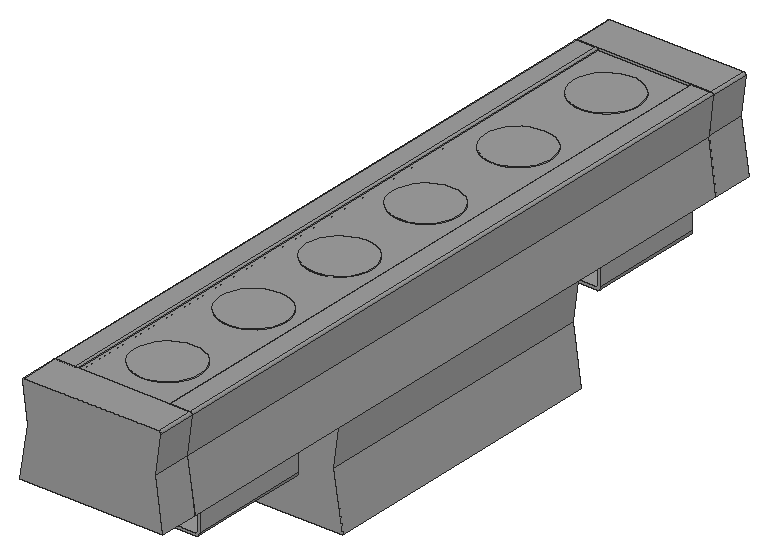
Revit family "SH-1395-20CM", category Lighting Fixtures, Revit 2017
Family settings
  Round Connector Dimension = Use Diameter
  Part Type = Normal
  OmniClass Number = 23.80.70.00
  OmniClass Title = Lighting
  Work Plane-Based = Yes
  Always vertical = No
  Cut with Voids When Loaded = No
  Light Source = No
  Shared = Yes
  Room Calculation Point = No
Parameters (values of type "Sh-1395-6W-20cm(anodized aluminum color-2000K-LED)")
  wattage = 6 W
  instalation = ""
  consumption current = 0.06 A
  color temperature = "2000K"
  color rendering index(CRI) = ""
  Width = 4.2377 cm
  Website = "www.shoaco.com"
  Voltage/Frequency = "230V/50HZ"
  URL = "https://www.shoaco.com/fa/product/%D9%BE%D8%B1%D9%88%DA%98%DA%A9%D8%AA%D9%88%D8%B1-%D9%87%D8%A7/531-%D9%88%D8%A7%D9%84-%D9%88%D8%A7%D8%B4%D8%B1-sh-1395-6LED.html"
  Type medule = "Power LED"
  Protection Class = "Class I"
  Model = "SH-1395-20cm"
  Manufacturer = "SHOA"
  Luminaire Vertical Angle [instance] = 0.00°
  Length = 22.4491 cm
  Lamp = "LED"
  IP = "IP65"
  Height = 7.345 cm
  Flicker = "Free Flicker"
  Default Elevation = 121.92 cm
  Body color = Anodize color
  Body Material = "Aluminum"
  6000K = no
  3000K = no
  2000K = yes
Types (4, lengths in cm): name | color temperature | 6000K | 3000K | 2000K
  (no name) | "2000K" | no | no | yes
  Sh-1395-6W-20cm(anodized aluminum color-2000K-LED) | "2000K" | no | no | yes
  Sh-1395-6W-20cm(anodized aluminum color-3000K-LED) | "3000K" | no | yes | no
  Sh-1395-6W-20cm(anodized aluminum color-6000K-LED) | "6000K" | yes | no | no
Reference planes (cm)
  plane 1 "Light Source Axis (F/B)": y = 0
  plane 2: z = 0
  plane 3 "Light Source Axis (L/R)": x = 0
  plane 4 "Light Source Elevation": z = 137.16
  plane 5: x = -1.2506
  plane 6: x = 2.9871
  plane 7: z = 7.345
Forms (cm)
  Extrusion 1, solid, not visible
    sketch origin (58.7935, 36.7249, 0) x (1, 0, 0) y (0, 1, 0)
      loop
        line (31.2065, 29.2751) -> (-148.7935, 29.2751) -> (-148.7935, -100.7249) -> (31.2065, -100.7249) -> (31.2065, 29.2751)
    from -8 to 0
Dimensions and locks (cm)
  "Width": plane 5 to plane 6
  "Height": plane 7 to Extrusion 1
  "Length": nested 2 to nested 2
  aligned and locked: level to plane 2
  aligned and locked: level to Extrusion 1
Automatic sketch dimensions
  plane 5 to Extrusion 1 sketch curve = 88.7494 cm
  Extrusion 1 sketch curve to plane 6 = 87.0129 cm
  plane 1 "Light Source Axis (F/B)" to Extrusion 1 sketch curve = 64.0 cm
  Extrusion 1 sketch curve to plane 1 "Light Source Axis (F/B)" = 66.0 cm
Nested families (cm)
  nested 1: "1395-20cm.ies" at (0.8637, -8.0428, 8.1187) x (0.0005, 0, -1) z (0, 1, 0), visible <- "2000K", type "1395-20cm-2000K"
  nested 2: "1395-20cm" at (0.8626, 17.0862, 3.5222) x (-1, 0, 0) z (0, 0, 1), Luminaire Vertical Angle <- "Luminaire Vertical Angle", Body color <- "Body color", type "1395-20cm"
    with Luminaire Vertical Angle 0.00°, Body color Anodize color
  nested 3: "1395-20cm.ies" at (0.875, -8.0428, 8.2431) x (0.0005, 0, -1) z (0, 1, 0), visible <- "3000K", type "1395-20cm-3000K"
  nested 4: "1395-20cm.ies" at (0.875, -8.0428, 8.1593) x (0.0005, 0, -1) z (0, 1, 0), visible <- "6000K", type "1395-20cm-6000K"
  nested 5: "1395-20cm.ies" at (0.8637, -8.0428, 8.1187) x (0.0005, 0, -1) z (0, 1, 0), visible <- "2000K", type "1395-20cm-2000K"
  nested 6: "1395-20cm.ies" at (0.875, -8.0428, 8.2431) x (0.0005, 0, -1) z (0, 1, 0), visible <- "3000K", type "1395-20cm-3000K"
  nested 7: "1395-20cm.ies" at (0.875, -8.0428, 8.1593) x (0.0005, 0, -1) z (0, 1, 0), visible <- "6000K", type "1395-20cm-6000K"
  nested 8: "1395-20cm.ies" at (0.8637, -8.0428, 8.1187) x (0.0005, 0, -1) z (0, 1, 0), visible <- "2000K", type "1395-20cm-2000K"
  nested 9: "1395-20cm.ies" at (0.875, -8.0428, 8.2431) x (0.0005, 0, -1) z (0, 1, 0), visible <- "3000K", type "1395-20cm-3000K"
  nested 10: "1395-20cm.ies" at (0.875, -8.0428, 8.1593) x (0.0005, 0, -1) z (0, 1, 0), visible <- "6000K", type "1395-20cm-6000K"
  nested 11: "1395-20cm.ies" at (0.8637, -8.0428, 8.1187) x (0.0005, 0, -1) z (0, 1, 0), visible <- "2000K", type "1395-20cm-2000K"
  nested 12: "1395-20cm.ies" at (0.875, -8.0428, 8.2431) x (0.0005, 0, -1) z (0, 1, 0), visible <- "3000K", type "1395-20cm-3000K"
  nested 13: "1395-20cm.ies" at (0.875, -8.0428, 8.1593) x (0.0005, 0, -1) z (0, 1, 0), visible <- "6000K", type "1395-20cm-6000K"
  nested 14: "1395-20cm.ies" at (0.8637, -8.0428, 8.1187) x (0.0005, 0, -1) z (0, 1, 0), visible <- "2000K", type "1395-20cm-2000K"
  nested 15: "1395-20cm.ies" at (0.875, -8.0428, 8.2431) x (0.0005, 0, -1) z (0, 1, 0), visible <- "3000K", type "1395-20cm-3000K"
  nested 16: "1395-20cm.ies" at (0.875, -8.0428, 8.1593) x (0.0005, 0, -1) z (0, 1, 0), visible <- "6000K", type "1395-20cm-6000K"
  nested 17: "1395-20cm.ies" at (0.8637, -8.0428, 8.1187) x (0.0005, 0, -1) z (0, 1, 0), visible <- "2000K", type "1395-20cm-2000K"
  nested 18: "1395-20cm.ies" at (0.875, -8.0428, 8.2431) x (0.0005, 0, -1) z (0, 1, 0), visible <- "3000K", type "1395-20cm-3000K"
  nested 19: "1395-20cm.ies" at (0.875, -8.0428, 8.1593) x (0.0005, 0, -1) z (0, 1, 0), visible <- "6000K", type "1395-20cm-6000K"
  nested 20: "1395-20cm.ies" at (0.8637, -4.6154, 8.1668) x (0.0005, 0, -1) z (0, 1, 0), visible <- "2000K", type "1395-20cm-2000K"
  nested 21: "1395-20cm.ies" at (0.875, -4.6154, 8.2911) x (0.0005, 0, -1) z (0, 1, 0), visible <- "3000K", type "1395-20cm-3000K"
  nested 22: "1395-20cm.ies" at (0.875, -4.6154, 8.2074) x (0.0005, 0, -1) z (0, 1, 0), visible <- "6000K", type "1395-20cm-6000K"
  nested 23: "1395-20cm.ies" at (0.8637, -4.6154, 8.1668) x (0.0005, 0, -1) z (0, 1, 0), visible <- "2000K", type "1395-20cm-2000K"
  nested 24: "1395-20cm.ies" at (0.875, -4.6154, 8.2911) x (0.0005, 0, -1) z (0, 1, 0), visible <- "3000K", type "1395-20cm-3000K"
  nested 25: "1395-20cm.ies" at (0.875, -4.6154, 8.2074) x (0.0005, 0, -1) z (0, 1, 0), visible <- "6000K", type "1395-20cm-6000K"
  nested 26: "1395-20cm.ies" at (0.8637, -4.6154, 8.1668) x (0.0005, 0, -1) z (0, 1, 0), visible <- "2000K", type "1395-20cm-2000K"
  nested 27: "1395-20cm.ies" at (0.875, -4.6154, 8.2911) x (0.0005, 0, -1) z (0, 1, 0), visible <- "3000K", type "1395-20cm-3000K"
  nested 28: "1395-20cm.ies" at (0.875, -4.6154, 8.2074) x (0.0005, 0, -1) z (0, 1, 0), visible <- "6000K", type "1395-20cm-6000K"
  nested 29: "1395-20cm.ies" at (0.8637, -4.6154, 8.1668) x (0.0005, 0, -1) z (0, 1, 0), visible <- "2000K", type "1395-20cm-2000K"
  nested 30: "1395-20cm.ies" at (0.875, -4.6154, 8.2911) x (0.0005, 0, -1) z (0, 1, 0), visible <- "3000K", type "1395-20cm-3000K"
  nested 31: "1395-20cm.ies" at (0.875, -4.6154, 8.2074) x (0.0005, 0, -1) z (0, 1, 0), visible <- "6000K", type "1395-20cm-6000K"
  nested 32: "1395-20cm.ies" at (0.8637, -4.6154, 8.1668) x (0.0005, 0, -1) z (0, 1, 0), visible <- "2000K", type "1395-20cm-2000K"
  nested 33: "1395-20cm.ies" at (0.875, -4.6154, 8.2911) x (0.0005, 0, -1) z (0, 1, 0), visible <- "3000K", type "1395-20cm-3000K"
  nested 34: "1395-20cm.ies" at (0.875, -4.6154, 8.2074) x (0.0005, 0, -1) z (0, 1, 0), visible <- "6000K", type "1395-20cm-6000K"
  nested 35: "1395-20cm.ies" at (0.8637, -4.6154, 8.1668) x (0.0005, 0, -1) z (0, 1, 0), visible <- "2000K", type "1395-20cm-2000K"
  nested 36: "1395-20cm.ies" at (0.875, -4.6154, 8.2911) x (0.0005, 0, -1) z (0, 1, 0), visible <- "3000K", type "1395-20cm-3000K"
  nested 37: "1395-20cm.ies" at (0.875, -4.6154, 8.2074) x (0.0005, 0, -1) z (0, 1, 0), visible <- "6000K", type "1395-20cm-6000K"
  nested 38: "1395-20cm.ies" at (0.8637, -1.4269, 8.1805) x (0.0005, 0, -1) z (0, 1, 0), visible <- "2000K", type "1395-20cm-2000K"
  nested 39: "1395-20cm.ies" at (0.875, -1.4269, 8.3048) x (0.0005, 0, -1) z (0, 1, 0), visible <- "3000K", type "1395-20cm-3000K"
  nested 40: "1395-20cm.ies" at (0.875, -1.4269, 8.2211) x (0.0005, 0, -1) z (0, 1, 0), visible <- "6000K", type "1395-20cm-6000K"
  nested 41: "1395-20cm.ies" at (0.8637, -1.4269, 8.1805) x (0.0005, 0, -1) z (0, 1, 0), visible <- "2000K", type "1395-20cm-2000K"
  nested 42: "1395-20cm.ies" at (0.875, -1.4269, 8.3048) x (0.0005, 0, -1) z (0, 1, 0), visible <- "3000K", type "1395-20cm-3000K"
  nested 43: "1395-20cm.ies" at (0.875, -1.4269, 8.2211) x (0.0005, 0, -1) z (0, 1, 0), visible <- "6000K", type "1395-20cm-6000K"
  nested 44: "1395-20cm.ies" at (0.8637, -1.4269, 8.1805) x (0.0005, 0, -1) z (0, 1, 0), visible <- "2000K", type "1395-20cm-2000K"
  nested 45: "1395-20cm.ies" at (0.875, -1.4269, 8.3048) x (0.0005, 0, -1) z (0, 1, 0), visible <- "3000K", type "1395-20cm-3000K"
  nested 46: "1395-20cm.ies" at (0.875, -1.4269, 8.2211) x (0.0005, 0, -1) z (0, 1, 0), visible <- "6000K", type "1395-20cm-6000K"
  nested 47: "1395-20cm.ies" at (0.8637, -1.4269, 8.1805) x (0.0005, 0, -1) z (0, 1, 0), visible <- "2000K", type "1395-20cm-2000K"
  nested 48: "1395-20cm.ies" at (0.875, -1.4269, 8.3048) x (0.0005, 0, -1) z (0, 1, 0), visible <- "3000K", type "1395-20cm-3000K"
  nested 49: "1395-20cm.ies" at (0.875, -1.4269, 8.2211) x (0.0005, 0, -1) z (0, 1, 0), visible <- "6000K", type "1395-20cm-6000K"
  nested 50: "1395-20cm.ies" at (0.8637, -1.4269, 8.1805) x (0.0005, 0, -1) z (0, 1, 0), visible <- "2000K", type "1395-20cm-2000K"
  nested 51: "1395-20cm.ies" at (0.875, -1.4269, 8.3048) x (0.0005, 0, -1) z (0, 1, 0), visible <- "3000K", type "1395-20cm-3000K"
  nested 52: "1395-20cm.ies" at (0.875, -1.4269, 8.2211) x (0.0005, 0, -1) z (0, 1, 0), visible <- "6000K", type "1395-20cm-6000K"
  nested 53: "1395-20cm.ies" at (0.8637, -1.4269, 8.1805) x (0.0005, 0, -1) z (0, 1, 0), visible <- "2000K", type "1395-20cm-2000K"
  nested 54: "1395-20cm.ies" at (0.875, -1.4269, 8.3048) x (0.0005, 0, -1) z (0, 1, 0), visible <- "3000K", type "1395-20cm-3000K"
  nested 55: "1395-20cm.ies" at (0.875, -1.4269, 8.2211) x (0.0005, 0, -1) z (0, 1, 0), visible <- "6000K", type "1395-20cm-6000K"
  nested 56: "1395-20cm.ies" at (0.8637, 1.825, 8.1805) x (0.0005, 0, -1) z (0, 1, 0), visible <- "2000K", type "1395-20cm-2000K"
  nested 57: "1395-20cm.ies" at (0.875, 1.825, 8.3048) x (0.0005, 0, -1) z (0, 1, 0), visible <- "3000K", type "1395-20cm-3000K"
  nested 58: "1395-20cm.ies" at (0.875, 1.825, 8.2211) x (0.0005, 0, -1) z (0, 1, 0), visible <- "6000K", type "1395-20cm-6000K"
  nested 59: "1395-20cm.ies" at (0.8637, 1.825, 8.1805) x (0.0005, 0, -1) z (0, 1, 0), visible <- "2000K", type "1395-20cm-2000K"
  nested 60: "1395-20cm.ies" at (0.875, 1.825, 8.3048) x (0.0005, 0, -1) z (0, 1, 0), visible <- "3000K", type "1395-20cm-3000K"
  nested 61: "1395-20cm.ies" at (0.875, 1.825, 8.2211) x (0.0005, 0, -1) z (0, 1, 0), visible <- "6000K", type "1395-20cm-6000K"
  nested 62: "1395-20cm.ies" at (0.8637, 1.825, 8.1805) x (0.0005, 0, -1) z (0, 1, 0), visible <- "2000K", type "1395-20cm-2000K"
  nested 63: "1395-20cm.ies" at (0.875, 1.825, 8.3048) x (0.0005, 0, -1) z (0, 1, 0), visible <- "3000K", type "1395-20cm-3000K"
  nested 64: "1395-20cm.ies" at (0.875, 1.825, 8.2211) x (0.0005, 0, -1) z (0, 1, 0), visible <- "6000K", type "1395-20cm-6000K"
  nested 65: "1395-20cm.ies" at (0.8637, 1.825, 8.1805) x (0.0005, 0, -1) z (0, 1, 0), visible <- "2000K", type "1395-20cm-2000K"
  nested 66: "1395-20cm.ies" at (0.875, 1.825, 8.3048) x (0.0005, 0, -1) z (0, 1, 0), visible <- "3000K", type "1395-20cm-3000K"
  nested 67: "1395-20cm.ies" at (0.875, 1.825, 8.2211) x (0.0005, 0, -1) z (0, 1, 0), visible <- "6000K", type "1395-20cm-6000K"
  nested 68: "1395-20cm.ies" at (0.8637, 1.825, 8.1805) x (0.0005, 0, -1) z (0, 1, 0), visible <- "2000K", type "1395-20cm-2000K"
  nested 69: "1395-20cm.ies" at (0.875, 1.825, 8.3048) x (0.0005, 0, -1) z (0, 1, 0), visible <- "3000K", type "1395-20cm-3000K"
  nested 70: "1395-20cm.ies" at (0.875, 1.825, 8.2211) x (0.0005, 0, -1) z (0, 1, 0), visible <- "6000K", type "1395-20cm-6000K"
  nested 71: "1395-20cm.ies" at (0.8637, 1.825, 8.1805) x (0.0005, 0, -1) z (0, 1, 0), visible <- "2000K", type "1395-20cm-2000K"
  nested 72: "1395-20cm.ies" at (0.875, 1.825, 8.3048) x (0.0005, 0, -1) z (0, 1, 0), visible <- "3000K", type "1395-20cm-3000K"
  nested 73: "1395-20cm.ies" at (0.875, 1.825, 8.2211) x (0.0005, 0, -1) z (0, 1, 0), visible <- "6000K", type "1395-20cm-6000K"
  nested 74: "1395-20cm.ies" at (0.8637, 5.45, 8.1805) x (0.0005, 0, -1) z (0, 1, 0), visible <- "2000K", type "1395-20cm-2000K"
  nested 75: "1395-20cm.ies" at (0.875, 5.45, 8.3048) x (0.0005, 0, -1) z (0, 1, 0), visible <- "3000K", type "1395-20cm-3000K"
  nested 76: "1395-20cm.ies" at (0.875, 5.45, 8.2211) x (0.0005, 0, -1) z (0, 1, 0), visible <- "6000K", type "1395-20cm-6000K"
  nested 77: "1395-20cm.ies" at (0.8637, 5.45, 8.1805) x (0.0005, 0, -1) z (0, 1, 0), visible <- "2000K", type "1395-20cm-2000K"
  nested 78: "1395-20cm.ies" at (0.875, 5.45, 8.3048) x (0.0005, 0, -1) z (0, 1, 0), visible <- "3000K", type "1395-20cm-3000K"
  nested 79: "1395-20cm.ies" at (0.875, 5.45, 8.2211) x (0.0005, 0, -1) z (0, 1, 0), visible <- "6000K", type "1395-20cm-6000K"
  nested 80: "1395-20cm.ies" at (0.8637, 5.45, 8.1805) x (0.0005, 0, -1) z (0, 1, 0), visible <- "2000K", type "1395-20cm-2000K"
  nested 81: "1395-20cm.ies" at (0.875, 5.45, 8.3048) x (0.0005, 0, -1) z (0, 1, 0), visible <- "3000K", type "1395-20cm-3000K"
  nested 82: "1395-20cm.ies" at (0.875, 5.45, 8.2211) x (0.0005, 0, -1) z (0, 1, 0), visible <- "6000K", type "1395-20cm-6000K"
  nested 83: "1395-20cm.ies" at (0.8637, 5.45, 8.1805) x (0.0005, 0, -1) z (0, 1, 0), visible <- "2000K", type "1395-20cm-2000K"
  nested 84: "1395-20cm.ies" at (0.875, 5.45, 8.3048) x (0.0005, 0, -1) z (0, 1, 0), visible <- "3000K", type "1395-20cm-3000K"
  nested 85: "1395-20cm.ies" at (0.875, 5.45, 8.2211) x (0.0005, 0, -1) z (0, 1, 0), visible <- "6000K", type "1395-20cm-6000K"
  nested 86: "1395-20cm.ies" at (0.8637, 5.45, 8.1805) x (0.0005, 0, -1) z (0, 1, 0), visible <- "2000K", type "1395-20cm-2000K"
  nested 87: "1395-20cm.ies" at (0.875, 5.45, 8.3048) x (0.0005, 0, -1) z (0, 1, 0), visible <- "3000K", type "1395-20cm-3000K"
  nested 88: "1395-20cm.ies" at (0.875, 5.45, 8.2211) x (0.0005, 0, -1) z (0, 1, 0), visible <- "6000K", type "1395-20cm-6000K"
  nested 89: "1395-20cm.ies" at (0.8637, 5.45, 8.1805) x (0.0005, 0, -1) z (0, 1, 0), visible <- "2000K", type "1395-20cm-2000K"
  nested 90: "1395-20cm.ies" at (0.875, 5.45, 8.3048) x (0.0005, 0, -1) z (0, 1, 0), visible <- "3000K", type "1395-20cm-3000K"
  nested 91: "1395-20cm.ies" at (0.875, 5.45, 8.2211) x (0.0005, 0, -1) z (0, 1, 0), visible <- "6000K", type "1395-20cm-6000K"
  nested 92: "1395-20cm.ies" at (0.8637, 8.825, 8.1805) x (0.0005, 0, -1) z (0, 1, 0), visible <- "2000K", type "1395-20cm-2000K"
  nested 93: "1395-20cm.ies" at (0.875, 8.825, 8.3048) x (0.0005, 0, -1) z (0, 1, 0), visible <- "3000K", type "1395-20cm-3000K"
  nested 94: "1395-20cm.ies" at (0.875, 8.825, 8.2211) x (0.0005, 0, -1) z (0, 1, 0), visible <- "6000K", type "1395-20cm-6000K"
  nested 95: "1395-20cm.ies" at (0.8637, 8.825, 8.1805) x (0.0005, 0, -1) z (0, 1, 0), visible <- "2000K", type "1395-20cm-2000K"
  nested 96: "1395-20cm.ies" at (0.875, 8.825, 8.3048) x (0.0005, 0, -1) z (0, 1, 0), visible <- "3000K", type "1395-20cm-3000K"
  nested 97: "1395-20cm.ies" at (0.875, 8.825, 8.2211) x (0.0005, 0, -1) z (0, 1, 0), visible <- "6000K", type "1395-20cm-6000K"
  nested 98: "1395-20cm.ies" at (0.8637, 8.825, 8.1805) x (0.0005, 0, -1) z (0, 1, 0), visible <- "2000K", type "1395-20cm-2000K"
  nested 99: "1395-20cm.ies" at (0.875, 8.825, 8.3048) x (0.0005, 0, -1) z (0, 1, 0), visible <- "3000K", type "1395-20cm-3000K"
  nested 100: "1395-20cm.ies" at (0.875, 8.825, 8.2211) x (0.0005, 0, -1) z (0, 1, 0), visible <- "6000K", type "1395-20cm-6000K"
  nested 101: "1395-20cm.ies" at (0.8637, 8.825, 8.1805) x (0.0005, 0, -1) z (0, 1, 0), visible <- "2000K", type "1395-20cm-2000K"
  nested 102: "1395-20cm.ies" at (0.875, 8.825, 8.3048) x (0.0005, 0, -1) z (0, 1, 0), visible <- "3000K", type "1395-20cm-3000K"
  nested 103: "1395-20cm.ies" at (0.875, 8.825, 8.2211) x (0.0005, 0, -1) z (0, 1, 0), visible <- "6000K", type "1395-20cm-6000K"
  nested 104: "1395-20cm.ies" at (0.8637, 8.825, 8.1805) x (0.0005, 0, -1) z (0, 1, 0), visible <- "2000K", type "1395-20cm-2000K"
  nested 105: "1395-20cm.ies" at (0.875, 8.825, 8.3048) x (0.0005, 0, -1) z (0, 1, 0), visible <- "3000K", type "1395-20cm-3000K"
  nested 106: "1395-20cm.ies" at (0.875, 8.825, 8.2211) x (0.0005, 0, -1) z (0, 1, 0), visible <- "6000K", type "1395-20cm-6000K"
  nested 107: "1395-20cm.ies" at (0.8637, 8.825, 8.1805) x (0.0005, 0, -1) z (0, 1, 0), visible <- "2000K", type "1395-20cm-2000K"
  nested 108: "1395-20cm.ies" at (0.875, 8.825, 8.3048) x (0.0005, 0, -1) z (0, 1, 0), visible <- "3000K", type "1395-20cm-3000K"
  nested 109: "1395-20cm.ies" at (0.875, 8.825, 8.2211) x (0.0005, 0, -1) z (0, 1, 0), visible <- "6000K", type "1395-20cm-6000K"
Connectors (cm)
  electrical at (0.8449, 0.5, 1.4559)
    settings: on nested 2, index 1, voltage 230 V, apparent load 0 VA, apparent load phase1 0 VA, apparent load phase2 0 VA, apparent load phase3 0 VA, power factor 1, load classification "Other", number of poles 1, system type 31, power factor state 1, is connector primary yes, connector utility no, sub classification motor no, connector description ""
Definition of nested family "1395-20cm"
  Parameters (values of type "Family2")
    Luminaire Vertical Angle [instance] = 0.00°
    Default Elevation = 121.92 cm
    Body color [instance] = none
  Reference planes (cm)
    plane 1 "Center (Front/Back)": y = 0
    plane 2: z = 0
    plane 3 "Center (Left/Right)": x = 0
  Forms (cm)
    Extrusion 1, solid, not visible
      sketch origin (0, 0, 0) x (1, 0, 0) y (0, 1, 0)
        loop
          line (50, 70.5415) -> (-50, 70.5415) -> (-50, -41.4585) -> (50, -41.4585) -> (50, 70.5415)
      from 0 to -7.867
    Extrusion 2, solid, material <- "Body color"
      sketch origin (0.0283, 0, 27.9287) x (-0.000455, 0, -1) y (1, 0, -0.000455)
        loop
          line (26.9927, 1.965) -> (26.9927, 2.201) -> (25.4269, 1.9786) -> (24.26, 2.1282)
          arc (24.26, 2.1282) -> (24.2021, 2.1105) -> (24.1771, 2.0553) r 0.0735
          line (24.1771, 2.0553) -> (24.1771, 1.4818)
          arc (24.1771, 1.4818) -> (24.1926, 1.4443) -> (24.2301, 1.4288) r 0.053
          line (24.2301, 1.4288) -> (24.3275, 1.4288)
          arc (24.3275, 1.4288) -> (24.3701, 1.4464) -> (24.3878, 1.489) r 0.0603
          line (24.3878, 1.489) -> (24.3878, 1.5758) -> (24.2888, 1.6376) -> (24.303, 1.7275) -> (24.7028, 1.7275) -> (25.025, 1.7275)
          arc (25.025, 1.7275) -> (25.0623, 1.7121) -> (25.0778, 1.6748) r 0.0528
          line (25.0778, 1.6748) -> (25.0778, 1.5075) -> (24.9378, 1.5075) -> (24.9378, 1.3775) -> (26.2978, 1.3775) -> (26.2978, 1.5075) -> (26.4976, 1.5075)
          arc (26.4976, 1.5075) -> (26.5331, 1.4929) -> (26.5478, 1.4574) r 0.0501
          line (26.5478, 1.4574) -> (26.5478, 0.0075) -> (26.5478, -1.4423)
          arc (26.5478, -1.4423) -> (26.5331, -1.4778) -> (26.4976, -1.4925) r 0.0501
          line (26.4976, -1.4925) -> (26.2978, -1.4925) -> (26.2978, -1.3625) -> (24.9378, -1.3625) -> (24.9378, -1.4925) -> (25.0778, -1.4925) -> (25.0778, -1.6597)
          arc (25.0778, -1.6597) -> (25.0623, -1.697) -> (25.025, -1.7125) r 0.0528
          line (25.025, -1.7125) -> (24.7028, -1.7125) -> (24.303, -1.7125) -> (24.2888, -1.6225) -> (24.3878, -1.5607) -> (24.3878, -1.474)
          arc (24.3878, -1.474) -> (24.3701, -1.4313) -> (24.3275, -1.4137) r 0.0603
          line (24.3275, -1.4137) -> (24.2301, -1.4137)
          arc (24.2301, -1.4137) -> (24.1926, -1.4292) -> (24.1771, -1.4667) r 0.053
          line (24.1771, -1.4667) -> (24.1771, -2.0402)
          arc (24.1771, -2.0402) -> (24.2021, -2.0954) -> (24.26, -2.1132) r 0.0735
          line (24.26, -2.1132) -> (25.4269, -1.9635) -> (26.9927, -2.1859) -> (26.9927, -1.9499) -> (26.6878, -1.9066) -> (26.6878, -1.8073)
          arc (26.6878, -1.8073) -> (26.6463, -1.7538) -> (26.5841, -1.7806) r 0.0553
          arc (26.5841, -1.7806) -> (26.4628, -1.8346) -> (26.3779, -1.7326) r 0.11
          arc (26.3779, -1.7326) -> (26.4468, -1.6253) -> (26.5708, -1.6553) r 0.11
          arc (26.5708, -1.6553) -> (26.6444, -1.6741) -> (26.6878, -1.6116) r 0.0666
          line (26.6878, -1.6116) -> (26.6878, -1.4707)
          arc (26.6878, -1.4707) -> (26.7048, -1.4295) -> (26.746, -1.4125) r 0.0583
          line (26.746, -1.4125) -> (26.8353, -1.4125)
          arc (26.8353, -1.4125) -> (26.8729, -1.428) -> (26.8885, -1.4657) r 0.0532
          line (26.8885, -1.4657) -> (26.8885, -1.5901)
          arc (26.8885, -1.5901) -> (26.9396, -1.6411) -> (26.9907, -1.5901) r 0.0511
          line (26.9907, -1.5901) -> (26.9907, -1.234)
          arc (26.9907, -1.234) -> (26.9756, -1.1976) -> (26.9391, -1.1825) r 0.0516
          line (26.9391, -1.1825) -> (26.7278, -1.1825)
          arc (26.7278, -1.1825) -> (26.6678, -1.1225) -> (26.7278, -1.0625) r 0.06
          line (26.7278, -1.0625) -> (26.9465, -1.0625)
          arc (26.9465, -1.0625) -> (26.9915, -1.0175) -> (26.9465, -0.9725) r 0.045
          line (26.9465, -0.9725) -> (26.7278, -0.9725)
          arc (26.7278, -0.9725) -> (26.6678, -0.9125) -> (26.7278, -0.8525) r 0.06
          line (26.7278, -0.8525) -> (26.9543, -0.8525)
          arc (26.9543, -0.8525) -> (26.9993, -0.8075) -> (26.9543, -0.7625) r 0.045
          line (26.9543, -0.7625) -> (26.7278, -0.7625)
          arc (26.7278, -0.7625) -> (26.6678, -0.7025) -> (26.7278, -0.6425) r 0.06
          line (26.7278, -0.6425) -> (26.9465, -0.6425)
          arc (26.9465, -0.6425) -> (26.9915, -0.5975) -> (26.9465, -0.5525) r 0.045
          line (26.9465, -0.5525) -> (26.7278, -0.5525)
          arc (26.7278, -0.5525) -> (26.6678, -0.4925) -> (26.7278, -0.4325) r 0.06
          line (26.7278, -0.4325) -> (26.9379, -0.4325)
          arc (26.9379, -0.4325) -> (26.9747, -0.4172) -> (26.9899, -0.3804) r 0.052
          line (26.9899, -0.3804) -> (26.9899, 0.0075) -> (26.9899, 0.3955)
          arc (26.9899, 0.3955) -> (26.9747, 0.4323) -> (26.9379, 0.4475) r 0.052
          line (26.9379, 0.4475) -> (26.7278, 0.4475)
          arc (26.7278, 0.4475) -> (26.6678, 0.5075) -> (26.7278, 0.5675) r 0.06
          line (26.7278, 0.5675) -> (26.9543, 0.5675)
          arc (26.9543, 0.5675) -> (26.9993, 0.6125) -> (26.9543, 0.6575) r 0.045
          line (26.9543, 0.6575) -> (26.7278, 0.6575)
          arc (26.7278, 0.6575) -> (26.6678, 0.7175) -> (26.7278, 0.7775) r 0.06
          line (26.7278, 0.7775) -> (26.9465, 0.7775)
          arc (26.9465, 0.7775) -> (26.9915, 0.8225) -> (26.9465, 0.8675) r 0.045
          line (26.9465, 0.8675) -> (26.7278, 0.8675)
          arc (26.7278, 0.8675) -> (26.6678, 0.9275) -> (26.7278, 0.9875) r 0.06
          line (26.7278, 0.9875) -> (26.9543, 0.9875)
          arc (26.9543, 0.9875) -> (26.9993, 1.0325) -> (26.9543, 1.0775) r 0.045
          line (26.9543, 1.0775) -> (26.7278, 1.0775)
          arc (26.7278, 1.0775) -> (26.6678, 1.1375) -> (26.7278, 1.1975) r 0.06
          line (26.7278, 1.1975) -> (26.9391, 1.1975)
          arc (26.9391, 1.1975) -> (26.9756, 1.2126) -> (26.9907, 1.2491) r 0.0516
          line (26.9907, 1.2491) -> (26.9907, 1.6051)
          arc (26.9907, 1.6051) -> (26.9396, 1.6562) -> (26.8885, 1.6051) r 0.0511
          line (26.8885, 1.6051) -> (26.8885, 1.4808)
          arc (26.8885, 1.4808) -> (26.8729, 1.4431) -> (26.8353, 1.4275) r 0.0532
          line (26.8353, 1.4275) -> (26.746, 1.4275)
          arc (26.746, 1.4275) -> (26.7048, 1.4446) -> (26.6878, 1.4858) r 0.0583
          line (26.6878, 1.4858) -> (26.6878, 1.6267)
          arc (26.6878, 1.6267) -> (26.6444, 1.6892) -> (26.5708, 1.6704) r 0.0666
          arc (26.5708, 1.6704) -> (26.4468, 1.6404) -> (26.3779, 1.7477) r 0.11
          arc (26.3779, 1.7477) -> (26.4628, 1.8497) -> (26.5841, 1.7957) r 0.11
          arc (26.5841, 1.7957) -> (26.6463, 1.7688) -> (26.6878, 1.8224) r 0.0553
          line (26.6878, 1.8224) -> (26.6878, 1.9217) -> (26.9983, 1.9658)
      from -26.8082 to -6.8063
    Extrusion 3, solid, material <- "Body color"
      sketch origin (0.0283, 0, 27.9287) x (-0.000455, 0, -1) y (1, 0, -0.000455)
        loop
          line (24.9378, -1.4925) -> (24.9378, 1.5075) -> (24.8466, 1.5075) -> (24.8466, -1.4925) -> (24.9378, -1.4925)
      from -6.8063 to -26.8082
    Extrusion 4, solid, material <- "Body color"
      sketch origin (0.0283, 0, 27.9287) x (-0.000455, 0, -1) y (1, 0, -0.000455)
        loop
          line (24.2301, 1.4288) -> (24.2301, -1.4137) -> (24.3275, -1.4137) -> (24.3275, 1.4288) -> (24.2301, 1.4288)
      from -6.8063 to -26.8082
    Extrusion 5, solid, material <- "Body color"
      sketch origin (0.0283, 0, 27.9287) x (-0.000455, 0, -1) y (1, 0, -0.000455)
        loop
          line (26.8366, -1.5373) -> (26.7566, -1.5373) -> (26.7566, -1.7172)
          arc (26.7566, -1.7172) -> (26.7952, -1.8104) -> (26.8884, -1.849) r 0.1318
          line (26.8884, -1.849) -> (27.8524, -1.849)
          arc (27.8524, -1.849) -> (27.9454, -1.8105) -> (27.9839, -1.7175) r 0.1315
          line (27.9839, -1.7175) -> (27.9839, -0.2396)
          arc (27.9839, -0.2396) -> (28.1337, -0.1536) -> (28.2155, -0.0016) r 0.3148
          arc (28.2155, -0.0016) -> (28.1337, 0.1504) -> (27.9839, 0.2364) r 0.3148
          line (27.9839, 0.2364) -> (27.9839, 1.6752)
          arc (27.9839, 1.6752) -> (27.9454, 1.7682) -> (27.8524, 1.8067) r 0.1315
          line (27.8524, 1.8067) -> (26.8884, 1.8067)
          arc (26.8884, 1.8067) -> (26.7952, 1.7681) -> (26.7566, 1.6749) r 0.1318
          line (26.7566, 1.6749) -> (26.7566, 1.5373) -> (26.8366, 1.5373) -> (26.8366, 1.6749)
          arc (26.8366, 1.6749) -> (26.8518, 1.7115) -> (26.8884, 1.7267) r 0.0518
          line (26.8884, 1.7267) -> (27.8524, 1.7267)
          arc (27.8524, 1.7267) -> (27.8889, 1.7116) -> (27.9039, 1.6752) r 0.0515
          line (27.9039, 1.6752) -> (27.9039, 0.2207)
          arc (27.9039, 0.2207) -> (27.9177, 0.1823) -> (27.9528, 0.1614) r 0.0604
          arc (27.9528, 0.1614) -> (28.0656, 0.105) -> (28.1329, -0.0016) r 0.2348
          arc (28.1329, -0.0016) -> (28.0656, -0.1082) -> (27.9528, -0.1646) r 0.2348
          arc (27.9528, -0.1646) -> (27.9177, -0.1855) -> (27.9039, -0.2239) r 0.0604
          line (27.9039, -0.2239) -> (27.9039, -1.7175)
          arc (27.9039, -1.7175) -> (27.8889, -1.754) -> (27.8524, -1.769) r 0.0515
          line (27.8524, -1.769) -> (26.8884, -1.769)
          arc (26.8884, -1.769) -> (26.8518, -1.7539) -> (26.8366, -1.7172) r 0.0518
          line (26.8366, -1.7172) -> (26.8366, -1.5373)
      from -10.7884 to -7.2801
    Extrusion 6, solid, material <- "Body color"
      sketch origin (0.0283, 0, 27.9287) x (-0.000455, 0, -1) y (1, 0, -0.000455)
        loop
          arc (24.26, 2.1245) -> (24.2021, 2.1068) -> (24.1771, 2.0516) r 0.0735
          line (24.1771, 2.0516) -> (24.1771, -2.04)
          arc (24.1771, -2.04) -> (24.2021, -2.0952) -> (24.26, -2.1129) r 0.0735
          line (24.26, -2.1129) -> (25.4126, -1.9651) -> (26.9996, -2.1906) -> (26.9996, 2.1965) -> (25.4336, 1.974) -> (24.26, 2.1245)
      from -6.8063 to -5.5568
    Extrusion 7, solid, material <- "Body color"
      sketch origin (0.0283, 0, 27.9287) x (-0.000455, 0, -1) y (1, 0, -0.000455)
        loop
          line (24.1771, 2.0553) -> (24.1771, -2.0402)
          arc (24.1771, -2.0402) -> (24.2021, -2.0954) -> (24.26, -2.1132) r 0.0735
          line (24.26, -2.1132) -> (25.4269, -1.9635) -> (26.9996, -2.1869) -> (26.9996, 2.202) -> (25.4269, 1.9786) -> (24.26, 2.1282)
          arc (24.26, 2.1282) -> (24.2021, 2.1105) -> (24.1771, 2.0553) r 0.0735
      from -28.0059 to -26.8082
    Extrusion 8, solid
      sketch origin (1.4461, 0, 3.6979) x (-1, 0, 0.000455) y (0, -1, 0)
        loop
          circle (1.4738, -8.3339) r 1
      from -0.3052 to 0.0069
    Extrusion 9, solid
      sketch origin (1.4461, 0, 3.6979) x (-1, 0, 0.000455) y (0, -1, 0)
        loop
          circle (1.4738, -25.1607) r 1
      from -0.3052 to 0.0069
    Extrusion 10, solid, material <- "Body color"
      sketch origin (0.0283, 0, 27.9287) x (-0.000455, 0, -1) y (1, 0, -0.000455)
        loop
          line (26.9899, 2.0516) -> (26.9899, -2.04)
          arc (26.9899, -2.04) -> (27.0149, -2.0952) -> (27.0728, -2.1129) r 0.0735
          line (27.0728, -2.1129) -> (28.2254, -1.9651) -> (29.9949, -2.2165) -> (29.9949, 2.2224) -> (28.2464, 1.974) -> (27.0728, 2.1245)
          arc (27.0728, 2.1245) -> (27.0149, 2.1068) -> (26.9899, 2.0516) r 0.0735
      from -21.1666 to -12.0059
    Extrusion 11, solid, material <- "Body color"
      sketch origin (0.0283, 0, 27.9287) x (-0.000455, 0, -1) y (1, 0, -0.000455)
        loop
          line (26.8366, -1.5373) -> (26.7566, -1.5373) -> (26.7566, -1.7172)
          arc (26.7566, -1.7172) -> (26.7952, -1.8104) -> (26.8884, -1.849) r 0.1318
          line (26.8884, -1.849) -> (27.8547, -1.849)
          arc (27.8547, -1.849) -> (27.9477, -1.8105) -> (27.9862, -1.7175) r 0.1315
          line (27.9862, -1.7175) -> (27.9862, -0.238)
          arc (27.9862, -0.238) -> (28.136, -0.152) -> (28.2178, 0) r 0.3148
          arc (28.2178, 0) -> (28.136, 0.152) -> (27.9862, 0.238) r 0.3148
          line (27.9862, 0.238) -> (27.9862, 1.6752)
          arc (27.9862, 1.6752) -> (27.9477, 1.7682) -> (27.8547, 1.8067) r 0.1315
          line (27.8547, 1.8067) -> (26.8884, 1.8067)
          arc (26.8884, 1.8067) -> (26.7952, 1.7681) -> (26.7566, 1.6749) r 0.1318
          line (26.7566, 1.6749) -> (26.7566, 1.5373) -> (26.8366, 1.5373) -> (26.8366, 1.6749)
          arc (26.8366, 1.6749) -> (26.8518, 1.7115) -> (26.8884, 1.7267) r 0.0518
          line (26.8884, 1.7267) -> (27.8547, 1.7267)
          arc (27.8547, 1.7267) -> (27.8912, 1.7116) -> (27.9062, 1.6752) r 0.0515
          line (27.9062, 1.6752) -> (27.9062, 0.2223)
          arc (27.9062, 0.2223) -> (27.92, 0.1839) -> (27.9551, 0.163) r 0.0604
          arc (27.9551, 0.163) -> (28.0679, 0.1066) -> (28.1352, 0) r 0.2348
          arc (28.1352, 0) -> (28.0679, -0.1066) -> (27.9551, -0.163) r 0.2348
          arc (27.9551, -0.163) -> (27.92, -0.1839) -> (27.9062, -0.2223) r 0.0604
          line (27.9062, -0.2223) -> (27.9062, -1.7175)
          arc (27.9062, -1.7175) -> (27.8912, -1.754) -> (27.8547, -1.769) r 0.0515
          line (27.8547, -1.769) -> (26.8884, -1.769)
          arc (26.8884, -1.769) -> (26.8518, -1.7539) -> (26.8366, -1.7172) r 0.0518
          line (26.8366, -1.7172) -> (26.8366, -1.5373)
      from -26.1557 to -22.4238
    Extrusion 12, solid
      sketch origin (1.4461, 0, 3.6979) x (-1, 0, 0.000455) y (0, -1, 0)
        loop
          circle (1.4738, -21.8587) r 1
      from -0.3052 to 0.0069
    Extrusion 13, solid
      sketch origin (1.4461, 0, 3.6979) x (-1, 0, 0.000455) y (0, -1, 0)
        loop
          circle (1.4738, -18.5586) r 1
      from -0.3052 to 0.0069
    Extrusion 14, solid
      sketch origin (1.4461, 0, 3.6979) x (-1, 0, 0.000455) y (0, -1, 0)
        loop
          circle (1.4738, -15.2584) r 1
      from -0.3052 to 0.0069
    Extrusion 15, solid
      sketch origin (1.4461, 0, 3.6979) x (-1, 0, 0.000455) y (0, -1, 0)
        loop
          circle (1.4738, -11.7083) r 1
      from -0.3052 to 0.0069
  Lines and regions (cm)
    reference lines
      curve 1: line (28, 0, 0) -> (0, 0, 0)
  Dimensions and locks (cm)
    "Luminaire Vertical Angle": angle level to curve 1
    aligned and locked: plane 2 to level
    aligned and locked: level to Extrusion 1
    aligned and locked: plane 2 to Extrusion 1
    aligned and locked: curve 1 to Extrusion 1
  Automatic sketch dimensions
    Extrusion 1 sketch curve to plane 3 "Center (Left/Right)" = 50.0 cm
    plane 3 "Center (Left/Right)" to Extrusion 1 sketch curve = 50.0 cm
    plane 1 "Center (Front/Back)" to Extrusion 1 sketch curve = 41.4585 cm
    Extrusion 1 sketch curve to plane 1 "Center (Front/Back)" = 70.5415 cm
    Extrusion 2 sketch curve to Extrusion 2 sketch curve = 0.0 cm  (x12)
    Extrusion 2 sketch curve to curve 1 = 3.7516 cm  (x2)
    Extrusion 2 sketch curve to Extrusion 2 sketch curve = 0.053 cm  (x2)
    Extrusion 2 sketch curve to Extrusion 2 sketch curve = 0.0735 cm  (x2)
    Extrusion 2 sketch curve to Extrusion 2 sketch curve = 0.0093 cm  (x2)
    Extrusion 2 sketch curve to Extrusion 2 sketch curve = 0.0587 cm  (x2)
    Extrusion 2 sketch curve to Extrusion 2 sketch curve = 0.0142 cm  (x2)
    Extrusion 2 sketch curve to Extrusion 2 sketch curve = 0.0974 cm  (x2)
    Extrusion 2 sketch curve to Extrusion 2 sketch curve = 0.0603 cm  (x2)
    Extrusion 2 sketch curve to Extrusion 2 sketch curve = 0.315 cm  (x2)
    Extrusion 2 sketch curve to Extrusion 2 sketch curve = 0.235 cm  (x2)
    Extrusion 2 sketch curve to Extrusion 2 sketch curve = 0.0872 cm  (x2)
    Extrusion 2 sketch curve to Extrusion 2 sketch curve = 0.14 cm  (x2)
    Extrusion 2 sketch curve to Extrusion 2 sketch curve = 0.0528 cm
    Extrusion 2 sketch curve to Extrusion 2 sketch curve = 0.3492 cm  (x2)
    Extrusion 2 sketch curve to Extrusion 2 sketch curve = 0.8708 cm
    Extrusion 2 sketch curve to curve 1 = 1.6309 cm
    Extrusion 2 sketch curve to Extrusion 2 sketch curve = 0.19 cm  (x2)
    Extrusion 2 sketch curve to Extrusion 2 sketch curve = 0.1999 cm  (x2)
    Extrusion 2 sketch curve to Extrusion 2 sketch curve = 0.0501 cm
    Extrusion 2 sketch curve to Extrusion 2 sketch curve = 0.1235 cm  (x2)
    Extrusion 2 sketch curve to Extrusion 2 sketch curve = 0.1447 cm  (x2)
    Extrusion 2 sketch curve to Extrusion 2 sketch curve = 0.0666 cm
    Extrusion 2 sketch curve to Extrusion 2 sketch curve = 0.0553 cm  (x2)
    Extrusion 2 sketch curve to curve 1 = 1.2009 cm  (x2)
    Extrusion 2 sketch curve to Extrusion 2 sketch curve = 0.04 cm
    Extrusion 2 sketch curve to Extrusion 2 sketch curve = 0.0583 cm  (x2)
    Extrusion 2 sketch curve to Extrusion 2 sketch curve = 0.0892 cm  (x2)
    Extrusion 2 sketch curve to Extrusion 2 sketch curve = 0.0532 cm  (x2)
    Extrusion 2 sketch curve to Extrusion 2 sketch curve = 0.2102 cm  (x2)
    Extrusion 2 sketch curve to Extrusion 2 sketch curve = 0.2114 cm  (x2)
    Extrusion 2 sketch curve to Extrusion 2 sketch curve = 0.0511 cm  (x2)
    Extrusion 2 sketch curve to Extrusion 2 sketch curve = 0.0086 cm
    Extrusion 2 sketch curve to curve 1 = 0.9822 cm
    Extrusion 2 sketch curve to Extrusion 2 sketch curve = 0.2187 cm
    Extrusion 2 sketch curve to curve 1 = 0.9744 cm
    Extrusion 2 sketch curve to Extrusion 2 sketch curve = 0.0078 cm  (x2)
    Extrusion 2 sketch curve to Extrusion 2 sketch curve = 0.052 cm
    Extrusion 2 sketch curve to Extrusion 2 sketch curve = 0.3049 cm  (x2)
    Extrusion 2 sketch curve to curve 1 = 2.1703 cm
    Extrusion 2 sketch curve to curve 1 = 2.0975 cm
    Extrusion 2 sketch curve to curve 1 = 1.9479 cm
    Extrusion 2 sketch curve to Extrusion 2 sketch curve = 0.236 cm  (x2)
    Extrusion 2 sketch curve to Extrusion 2 sketch curve = 0.0433 cm
    Extrusion 2 sketch curve to Extrusion 2 sketch curve = 0.0993 cm  (x2)
    Extrusion 2 sketch curve to Extrusion 2 sketch curve = 0.0798 cm
    Extrusion 2 sketch curve to Extrusion 2 sketch curve = 0.3278 cm  (x2)
    Extrusion 2 sketch curve to Extrusion 2 sketch curve = 0.0899 cm
    Extrusion 2 sketch curve to Extrusion 2 sketch curve = 0.1956 cm
    Extrusion 2 sketch curve to Extrusion 2 sketch curve = 0.0216 cm
    Extrusion 2 sketch curve to Extrusion 2 sketch curve = 0.0618 cm  (x2)
    Extrusion 2 sketch curve to Extrusion 2 sketch curve = 0.1672 cm  (x2)
    Extrusion 2 sketch curve to Extrusion 2 sketch curve = 0.1192 cm
    Extrusion 2 sketch curve to Extrusion 2 sketch curve = 0.0867 cm  (x2)
    Extrusion 2 sketch curve to Extrusion 2 sketch curve = 0.1409 cm  (x2)
    Extrusion 2 sketch curve to Extrusion 2 sketch curve = 0.13 cm  (x2)
    Extrusion 2 sketch curve to Extrusion 2 sketch curve = 0.1784 cm  (x2)
    Extrusion 2 sketch curve to Extrusion 2 sketch curve = 0.06 cm  (x7)
    Extrusion 2 sketch curve to Extrusion 2 sketch curve = 0.045 cm  (x6)
    Extrusion 2 sketch curve to curve 1 = 0.8968 cm
    Extrusion 2 sketch curve to Extrusion 2 sketch curve = 0.388 cm  (x2)
    Extrusion 2 sketch curve to Extrusion 2 sketch curve = 0.18 cm
    Extrusion 2 sketch curve to Extrusion 2 sketch curve = 0.0512 cm
    Extrusion 2 sketch curve to Extrusion 2 sketch curve = 0.0284 cm
    Extrusion 2 sketch curve to Extrusion 2 sketch curve = 0.1244 cm
    Extrusion 2 sketch curve to Extrusion 2 sketch curve = 0.1158 cm
    Extrusion 2 sketch curve to Extrusion 2 sketch curve = 0.1519 cm
    Extrusion 2 sketch curve to Extrusion 2 sketch curve = 0.3039 cm
    Extrusion 2 sketch curve to Extrusion 2 sketch curve = 0.2794 cm
    Extrusion 2 sketch curve to Extrusion 2 sketch curve = 0.1099 cm  (x2)
    Extrusion 2 sketch curve to Extrusion 2 sketch curve = 0.0056 cm
    Extrusion 3 sketch curve to curve 1 = 3.082 cm
    Extrusion 3 sketch curve to Extrusion 3 sketch curve = 0.0911 cm
    Extrusion 3 sketch curve to curve 1 = 1.4768 cm
    curve 1 to Extrusion 3 sketch curve = 1.5232 cm
    Extrusion 4 sketch curve to curve 1 = 3.6986 cm
    Extrusion 4 sketch curve to Extrusion 4 sketch curve = 0.0974 cm
    Extrusion 4 sketch curve to curve 1 = 1.3981 cm
    curve 1 to Extrusion 4 sketch curve = 1.4444 cm
    Extrusion 5 sketch curve to Extrusion 5 sketch curve = 0.0 cm  (x15)
    Extrusion 5 sketch curve to curve 1 = 1.1721 cm  (x2)
    Extrusion 5 sketch curve to Extrusion 5 sketch curve = 0.08 cm  (x2)
    Extrusion 5 sketch curve to Extrusion 5 sketch curve = 0.0518 cm  (x2)
    Extrusion 5 sketch curve to curve 1 = 0.0763 cm
    Extrusion 5 sketch curve to Extrusion 5 sketch curve = 0.964 cm
    Extrusion 5 sketch curve to Extrusion 5 sketch curve = 0.0515 cm  (x2)
    Extrusion 5 sketch curve to Extrusion 5 sketch curve = 0.0041 cm
    Extrusion 5 sketch curve to Extrusion 5 sketch curve = 0.0196 cm  (x2)
    Extrusion 5 sketch curve to curve 1 = 1.8334 cm
    Extrusion 5 sketch curve to Extrusion 5 sketch curve = 0.18 cm
    Extrusion 5 sketch curve to curve 1 = 0.224 cm
    Extrusion 5 sketch curve to Extrusion 5 sketch curve = 0.0157 cm  (x2)
    Extrusion 5 sketch curve to Extrusion 5 sketch curve = 0.1548 cm  (x2)
    Extrusion 5 sketch curve to Extrusion 5 sketch curve = 0.135 cm
    Extrusion 5 sketch curve to Extrusion 5 sketch curve = 1.3166 cm
    Extrusion 5 sketch curve to Extrusion 5 sketch curve = 0.1376 cm
    Extrusion 6 sketch curve to curve 1 = 3.7516 cm
    Extrusion 6 sketch curve to Extrusion 6 sketch curve = 0.0735 cm  (x2)
    Extrusion 6 sketch curve to Extrusion 6 sketch curve = 0.0093 cm  (x2)
    Extrusion 6 sketch curve to curve 1 = 2.5161 cm
    Extrusion 6 sketch curve to Extrusion 6 sketch curve = 1.1736 cm
    Extrusion 6 sketch curve to Extrusion 6 sketch curve = 1.566 cm
    Extrusion 6 sketch curve to curve 1 = 2.1749 cm
    Extrusion 6 sketch curve to curve 1 = 2.0973 cm
    Extrusion 6 sketch curve to curve 1 = 1.9495 cm
    curve 1 to Extrusion 6 sketch curve = 1.9897 cm
    Extrusion 6 sketch curve to Extrusion 6 sketch curve = 0.0775 cm
    Extrusion 6 sketch curve to Extrusion 6 sketch curve = 0.2224 cm
    Extrusion 7 sketch curve to curve 1 = 3.7516 cm
    Extrusion 7 sketch curve to Extrusion 7 sketch curve = 0.0735 cm  (x2)
    Extrusion 7 sketch curve to Extrusion 7 sketch curve = 0.0093 cm  (x2)
    Extrusion 7 sketch curve to Extrusion 7 sketch curve = 1.1669 cm
    Extrusion 7 sketch curve to curve 1 = 2.5018 cm
    Extrusion 7 sketch curve to curve 1 = 0.9291 cm
    Extrusion 7 sketch curve to curve 1 = 2.1713 cm
    Extrusion 7 sketch curve to curve 1 = 2.0975 cm
    Extrusion 7 sketch curve to curve 1 = 1.9479 cm
    curve 1 to Extrusion 7 sketch curve = 1.9943 cm
    Extrusion 7 sketch curve to Extrusion 7 sketch curve = 0.0767 cm
    Extrusion 7 sketch curve to Extrusion 7 sketch curve = 0.2234 cm
    Extrusion 4 to Extrusion 8 sketch curve = 1.3687 cm
    Extrusion 4 to Extrusion 8 sketch curve = 1.5276 cm
    Extrusion 4 to Extrusion 9 sketch curve = 1.3687 cm
    Extrusion 4 to Extrusion 9 sketch curve = 1.6474 cm
    Extrusion 10 sketch curve to curve 1 = 0.9387 cm
    Extrusion 10 sketch curve to Extrusion 10 sketch curve = 0.0735 cm  (x2)
    Extrusion 10 sketch curve to Extrusion 10 sketch curve = 0.0093 cm  (x2)
    curve 1 to Extrusion 10 sketch curve = 0.2967 cm
    Extrusion 10 sketch curve to Extrusion 10 sketch curve = 1.1736 cm
    Extrusion 10 sketch curve to Extrusion 10 sketch curve = 1.7485 cm
    Extrusion 10 sketch curve to curve 1 = 2.2009 cm
    Extrusion 10 sketch curve to curve 1 = 2.0973 cm
    Extrusion 10 sketch curve to curve 1 = 1.9495 cm
    curve 1 to Extrusion 10 sketch curve = 1.9897 cm
    Extrusion 10 sketch curve to Extrusion 10 sketch curve = 0.0775 cm
    Extrusion 10 sketch curve to Extrusion 10 sketch curve = 0.2484 cm
    Extrusion 11 sketch curve to Extrusion 11 sketch curve = 0.0 cm  (x15)
    Extrusion 11 sketch curve to curve 1 = 1.1721 cm  (x2)
    Extrusion 11 sketch curve to Extrusion 11 sketch curve = 0.08 cm  (x2)
    Extrusion 11 sketch curve to Extrusion 11 sketch curve = 0.0518 cm  (x2)
    Extrusion 11 sketch curve to curve 1 = 0.074 cm
    Extrusion 11 sketch curve to Extrusion 11 sketch curve = 0.9663 cm
    Extrusion 11 sketch curve to Extrusion 11 sketch curve = 0.0515 cm  (x2)
    Extrusion 11 sketch curve to Extrusion 11 sketch curve = 0.0041 cm
    Extrusion 11 sketch curve to Extrusion 11 sketch curve = 0.0196 cm  (x2)
    Extrusion 11 sketch curve to curve 1 = 1.8334 cm
    Extrusion 11 sketch curve to Extrusion 11 sketch curve = 0.18 cm
    Extrusion 11 sketch curve to curve 1 = 0.2224 cm
    Extrusion 11 sketch curve to Extrusion 11 sketch curve = 0.0157 cm  (x2)
    Extrusion 11 sketch curve to Extrusion 11 sketch curve = 0.1548 cm  (x2)
    Extrusion 11 sketch curve to Extrusion 11 sketch curve = 0.135 cm
    Extrusion 11 sketch curve to Extrusion 11 sketch curve = 1.315 cm
    Extrusion 11 sketch curve to Extrusion 11 sketch curve = 0.1376 cm
    Extrusion 4 to Extrusion 12 sketch curve = 1.3687 cm
    Extrusion 4 to Extrusion 12 sketch curve = 4.9495 cm
    Extrusion 4 to Extrusion 13 sketch curve = 1.3687 cm
    Extrusion 4 to Extrusion 13 sketch curve = 8.2496 cm
    Extrusion 4 to Extrusion 14 sketch curve = 1.3687 cm
    Extrusion 4 to Extrusion 14 sketch curve = 8.4522 cm
    Extrusion 4 to Extrusion 15 sketch curve = 1.3687 cm
    Extrusion 4 to Extrusion 15 sketch curve = 4.902 cm
    curve 1 to level = 0.0 cm
    curve 1 to plane 3 "Center (Left/Right)" = 0.0 cm
    radius of Extrusion 8 sketch curve = 1.0 cm
    radius of Extrusion 9 sketch curve = 1.0 cm
    radius of Extrusion 12 sketch curve = 1.0 cm
    radius of Extrusion 13 sketch curve = 1.0 cm
    radius of Extrusion 14 sketch curve = 1.0 cm
    radius of Extrusion 15 sketch curve = 1.0 cm
Definition of nested family "1395-20cm.ies"
  Parameters (values of type "6500K")
    Wattage = 1 W
    built-in parameter 1150110 = 1 (stored number, unit not read)
    built-in parameter 1114217 = 1 (stored number, unit not read)
    Tilt Angle = 90.00°
    built-in parameter 1150109 = 1 (stored number, unit not read)
    built-in parameter 1150134 = 1
    built-in parameter 1150113 = 1 (stored number, unit not read)
    Photometric Web File = "SH 1395.ies"
    Lumens = 100.7 lm
    built-in parameter 1150115 = 1 (stored number, unit not read)
    built-in parameter 1150105 = 529.67 (stored number, unit not read)
    built-in parameter 1150137 = (empty or 0)
    built-in parameter 1150139 = (empty or 0)
    built-in parameter 1150112 = 1 (stored number, unit not read)
    built-in parameter 1150114 = 1 (stored number, unit not read)
    built-in parameter 1150132 = (empty or 0)
    built-in parameter 1150102 = (empty or 0)
    built-in parameter 1150138 = (empty or 0)
    built-in parameter 1150107 = 6500 (stored number, unit not read)
    built-in parameter 1150106 = 5.2967 (stored number, unit not read)
    built-in parameter 1150104 = 9.3553 (stored number, unit not read)
    Dimming Lamp Color Temperature Shift = (empty or 0)
    Default Elevation = 121.92 cm
    Color Filter = 16777215
    built-in parameter 1114218 = 1 (stored number, unit not read)
    built-in parameter 1150133 = 10 (stored number, unit not read)
  Types (4, lengths in cm): name | built-in parameter 1150134 | built-in parameter 1150105 | built-in parameter 1150107 | built-in parameter 1150106
    (no name) | 1 | 529.67 (stored number, unit not read) | 6500 (stored number, unit not read) | 5.2967 (stored number, unit not read)
    2000K | (empty or 0) | 8.0135 (stored number, unit not read) | 2000 (stored number, unit not read) | 0.080135 (stored number, unit not read)
    3000K | (empty or 0) | 8.0135 (stored number, unit not read) | 3000 (stored number, unit not read) | 0.080135 (stored number, unit not read)
    6500K | 1 | 529.67 (stored number, unit not read) | 6500 (stored number, unit not read) | 5.2967 (stored number, unit not read)
  Reference planes (cm)
    plane 1 "Light Source Axis (F/B)": y = 0
    plane 2: z = 0
    plane 3 "Light Source Axis (L/R)": x = 0
    plane 4 "Light Source Elevation": z = 0
  Dimensions and locks (cm)
    aligned and locked: plane 1 "Light Source Axis (F/B)" to imposter light
    aligned and locked: level to plane 2
    aligned and locked: plane 4 "Light Source Elevation" to level
